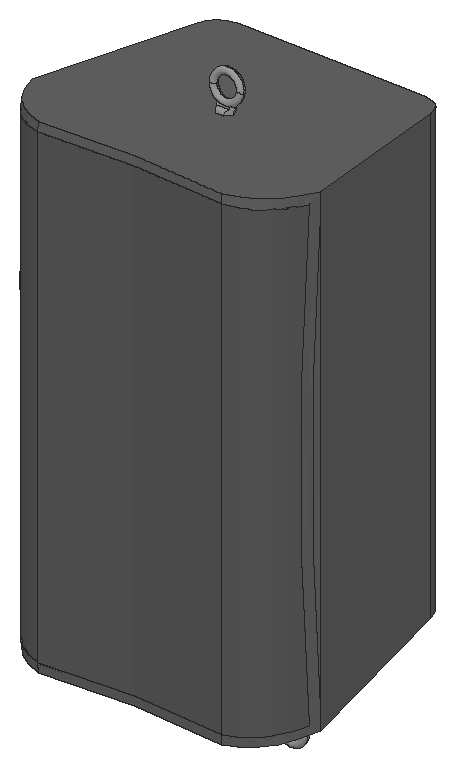
Revit family "AD-S12 - M10 Eye Bolts", category Communication Devices, Revit 2012
Parameters
  Width = 354.0 mm
  Weight Dimensional (lb) = 46.3
  Weight Dimensional (kg) = 21
  URL = "TBA"
  Sensitivity = 92
  SPL Max = 126
  Rotation Axis Distance = 3351.0 mm
  Regulatory Compliance = "RoHS"
  Product Page URL = "TBA"
  Product Documentation Link = "TBA"
  Weight Product (kg) = 16
  Weight Product (lb) = 35
  Power Handling = 300
  Model = "AD-S12"
  Mid Depth = 310.5 mm
  Manufacturer URL = "www.qscaudio.com"
  Manufacturer = "QSC Audio Products, LLC"
  Impedance = 8
  Height [instance] = 595.869 mm
  Grille Finish = Black Grille
  Eye Bolt Material [instance] = Default
  Enclosure Finish = Black Finish
  Description = "12\" 2-Way Surface Mount Loudspeaker"
  Depth [instance] = 322.965 mm
  Coverage Vertical = 75.00°
  Coverage Horizontal = 75.00°
Reference planes
  plane 1 "Center (Front/Back) (Grille Extent)": y = 0
  plane 2: z = 0
  plane 3 "Center (Left/Right)": x = 0
  plane 4 "Rotation Axis Plane": y = 3351
  plane 5: x = -177
  plane 6: x = 177
  plane 7: x = 106.71
  plane 8: x = -106.71
  plane 9: y = 71.2
  plane 10: x = -142.835
  plane 11: x = 142.835
  plane 12: y = 283.17
  plane 13: x = -112.545
  plane 14: x = 112.545
  plane 15: y = 5.4
  plane 16 "Back Plane": y = 322.965
  plane 17: y = 310.5
  plane 18: y = 77.988
  plane 19: x = -173.25
  plane 20: x = 173.25
  plane 21: z = 140
  plane 22: z = 100
  plane 23: x = -40
  plane 24: x = 40
  plane 25 "Top Plane": z = 300.533
  plane 26 "Bottom Plane": z = -295.335
  plane 27: x = 106.71
  plane 28: x = -106.71
  plane 29: y = 71.2
  plane 30: x = -142.835
  plane 31: x = 142.835
  plane 32: y = 283.17
  plane 33: x = -112.545
  plane 34: x = 112.545
  plane 35: y = 5.4
  plane 36: y = 310.5
  plane 37: y = 77.988
  plane 38: x = -173.25
  plane 39: x = 173.25
Forms (mm)
  Revolve 1, solid, material "Black Finish" <- "Enclosure Finish"
    sketch origin (0, 0, 0) x (1, 0, 0) y (0, 1, 0)
      loop
        spline (-106.71, 310.5) -> (-111.828, 310.31) -> (-116.563, 309.741) -> (-120.915, 308.792) -> (-124.884, 307.463) -> (-128.469, 305.755) -> (-131.671, 303.667) -> (-134.49, 301.2) -> (-136.925, 298.353) -> (-138.978, 295.127) -> (-140.647, 291.521) -> (-141.933, 287.535) -> (-142.835, 283.17)
        line (-142.835, 283.17) -> (-177, 71.2)
        spline (-177, 71.2) -> (-173.811, 61.268) -> (-170.225, 52.062) -> (-166.243, 43.584) -> (-161.863, 35.833) -> (-157.087, 28.809) -> (-151.915, 22.512) -> (-146.345, 16.942) -> (-140.378, 12.099) -> (-134.015, 7.984) -> (-127.255, 4.595) -> (-120.099, 1.934) -> (-112.545, 0)
        spline (-112.545, 0) -> (-93.804, 1.932) -> (-75.061, 3.512) -> (-56.314, 4.742) -> (-37.564, 5.62) -> (-18.812, 6.147) -> (-0.056, 6.322) -> (18.703, 6.147) -> (37.466, 5.62) -> (56.231, 4.742) -> (74.999, 3.512) -> (93.771, 1.932) -> (112.545, 0)
        spline (112.545, 0) -> (120.099, 1.934) -> (127.255, 4.595) -> (134.015, 7.984) -> (140.378, 12.099) -> (146.345, 16.942) -> (151.915, 22.512) -> (157.087, 28.809) -> (161.863, 35.833) -> (166.243, 43.584) -> (170.225, 52.062) -> (173.811, 61.268) -> (177, 71.2)
        line (177, 71.2) -> (142.835, 283.17)
        spline (142.835, 283.17) -> (141.933, 287.535) -> (140.647, 291.521) -> (138.978, 295.127) -> (136.925, 298.353) -> (134.49, 301.2) -> (131.671, 303.667) -> (128.469, 305.755) -> (124.884, 307.463) -> (120.915, 308.792) -> (116.563, 309.741) -> (111.828, 310.31) -> (106.71, 310.5)
        line (106.71, 310.5) -> (-106.71, 310.5)
      axis (-177, 3351) -> (177, 3351)
    angle from -5.19 to 5.19
  Revolve 2, void
    sketch origin (0, 0, 0) x (1, 0, 0) y (0, 1, 0)
      loop
        line (-173.25, 77.988) -> (-173.25, 0) -> (173.25, 0) -> (173.25, 77.988) -> (-173.25, 77.988)
      axis (-173.25, 3351) -> (173.25, 3351)
    angle from -5 to 5
  Extrusion 3, void
    sketch origin (0, 322.965, 0) x (-1, 0, 0) y (0, 0, -1)
      loop
        line (-40, -140) -> (40, -140) -> (40, -100) -> (-40, -100) -> (-40, -140)
    from 0 to 15
  Revolve 4, solid, material "Black Grille" <- "Grille Finish"
    sketch origin (0, 0, 0) x (1, 0, 0) y (0, 1, 0)
      loop
        spline (-112.545, 0) -> (-93.804, 1.932) -> (-75.061, 3.512) -> (-56.314, 4.742) -> (-37.564, 5.62) -> (-18.812, 6.147) -> (-0.056, 6.322) -> (18.703, 6.147) -> (37.466, 5.62) -> (56.231, 4.742) -> (74.999, 3.512) -> (93.771, 1.932) -> (112.545, 0)
        spline (112.545, 0) -> (119.689, 2.124) -> (126.453, 4.767) -> (132.839, 7.928) -> (138.845, 11.607) -> (144.472, 15.805) -> (149.721, 20.522) -> (154.59, 25.757) -> (159.08, 31.51) -> (163.191, 37.782) -> (166.923, 44.572) -> (170.276, 51.88) -> (173.25, 59.708)
        line (173.25, 59.708) -> (-173.25, 59.708)
        spline (-173.25, 59.708) -> (-170.276, 51.88) -> (-166.923, 44.572) -> (-163.191, 37.782) -> (-159.08, 31.51) -> (-154.59, 25.757) -> (-149.721, 20.522) -> (-144.472, 15.805) -> (-138.845, 11.607) -> (-132.839, 7.928) -> (-126.453, 4.767) -> (-119.689, 2.124) -> (-112.545, 0)
      axis (-173.25, 3351) -> (173.25, 3351)
    angle from -5.009 to 5.009
Cuts and joins
  Revolve 2, Extrusion 3 cuts Revolve 1
Lines and regions (mm)
  model lines, detail levels fine
    curve 1: line (4.373, 59.67, 298.955) -> (-1.703, 67.642, 298.231)
    curve 2: line (-1.703, 67.642, 298.231) -> (4.373, 59.67, 298.955)
    curve 3: line (-23.732, 60.665, 298.865) -> (-21.437, 68.889, 298.118)
    curve 4: line (-21.437, 68.889, 298.118) -> (-23.732, 60.665, 298.865)
    curve 5: line (-19.898, 55.22, 299.359) -> (-21.611, 70.439, 297.977)
    curve 6: line (-21.611, 70.439, 297.977) -> (-19.898, 55.22, 299.359)
    curve 7: line (12.509, 65.868, 298.392) -> (17.927, 61.904, 298.752)
    curve 8: line (17.927, 61.904, 298.752) -> (12.509, 65.868, 298.392)
    curve 17: line (-176.244, 89.474, 5.092) -> (-174.771, 96.745, -0.539)
    curve 18: line (-174.771, 96.745, -0.539) -> (-176.244, 89.474, 5.092)
    curve 19: line (-176.06, 90.382, -20.955) -> (-174.541, 97.883, -18.828)
    curve 20: line (-174.541, 97.883, -18.828) -> (-176.06, 90.382, -20.955)
    curve 21: line (-177.066, 85.416, -17.402) -> (-174.254, 99.296, -18.989)
    curve 22: line (-174.254, 99.296, -18.989) -> (-177.066, 85.416, -17.402)
    curve 23: line (-175.099, 95.127, 12.632) -> (-175.831, 91.511, 17.653)
    curve 24: line (-175.831, 91.511, 17.653) -> (-175.099, 95.127, 12.632)
    curve 33: line (176.244, 89.474, -5.092) -> (174.771, 96.745, 0.539)
    curve 34: line (174.771, 96.745, 0.539) -> (176.244, 89.474, -5.092)
    curve 35: line (176.06, 90.382, 20.955) -> (174.541, 97.883, 18.828)
    curve 36: line (174.541, 97.883, 18.828) -> (176.06, 90.382, 20.955)
    curve 37: line (177.066, 85.416, 17.402) -> (174.254, 99.296, 18.989)
    curve 38: line (174.254, 99.296, 18.989) -> (177.066, 85.416, 17.402)
    curve 39: line (175.099, 95.127, -12.632) -> (175.831, 91.511, -17.653)
    curve 40: line (175.831, 91.511, -17.653) -> (175.099, 95.127, -12.632)
    curve 41: line (-4.373, 59.67, -298.955) -> (1.703, 67.642, -298.231)
    curve 42: line (1.703, 67.642, -298.231) -> (-4.373, 59.67, -298.955)
    curve 43: line (23.732, 60.665, -298.865) -> (21.437, 68.889, -298.118)
    curve 44: line (21.437, 68.889, -298.118) -> (23.732, 60.665, -298.865)
    curve 45: line (19.898, 55.22, -299.359) -> (21.611, 70.439, -297.977)
    curve 46: line (21.611, 70.439, -297.977) -> (19.898, 55.22, -299.359)
    curve 47: line (-12.509, 65.868, -298.392) -> (-17.927, 61.904, -298.752)
    curve 48: line (-17.927, 61.904, -298.752) -> (-12.509, 65.868, -298.392)
  model lines, not visible, detail levels fine
    curve 9: line (-17.401, 29.808, 0.794) -> (-23.477, 37.813, 0.794)
    curve 10: line (-23.477, 37.813, 0.794) -> (-17.401, 29.808, 0.794)
    curve 11: line (-45.506, 30.808, 0.794) -> (-43.21, 39.066, 0.794)
    curve 12: line (-43.21, 39.066, 0.794) -> (-45.506, 30.808, 0.794)
    curve 13: line (-41.671, 25.34, 0.794) -> (-43.385, 40.622, 0.794)
    curve 14: line (-43.385, 40.622, 0.794) -> (-41.671, 25.34, 0.794)
    curve 15: line (-9.265, 36.032, 0.794) -> (-3.847, 32.051, 0.794)
    curve 16: line (-3.847, 32.051, 0.794) -> (-9.265, 36.032, 0.794)
    curve 25: line (16.721, -59.866, 26.087) -> (11.09, -52.447, 26.087)
    curve 26: line (11.09, -52.447, 26.087) -> (16.721, -59.866, 26.087)
    curve 27: line (-9.326, -58.94, 26.087) -> (-7.199, -51.287, 26.087)
    curve 28: line (-7.199, -51.287, 26.087) -> (-9.326, -58.94, 26.087)
    curve 29: line (-5.773, -64.007, 26.087) -> (-7.36, -49.845, 26.087)
    curve 30: line (-7.36, -49.845, 26.087) -> (-5.773, -64.007, 26.087)
    curve 31: line (24.261, -54.099, 26.087) -> (29.282, -57.788, 26.087)
    curve 32: line (29.282, -57.788, 26.087) -> (24.261, -54.099, 26.087)
  model lines, not visible, detail levels medium+fine
    curve 49: circle (0, 191.054, 0) r 16.5 normal (0, 0, 1)
  model lines, detail levels medium+fine
    curve 50: circle (0, 160.69, 289.78) r 16.5 normal (0, 0.0905, 0.9959)
    curve 51: circle (0, 160.69, -289.78) r 16.5 normal (0, -0.0905, 0.9959)
Dimensions and locks
  "Rotation Axis Distance": plane 4 "Rotation Axis Plane" to plane 1 "Center (Front/Back) (Grille Extent)"
  equal spacing: plane 5, plane 3 "Center (Left/Right)", plane 6
  "Width": plane 5 to plane 6
  equal spacing: plane 8, plane 3 "Center (Left/Right)", plane 7
  plane 8 to plane 7 = 213.42 mm
  plane 10 to plane 11 = 285.67 mm
  equal spacing: plane 10, plane 3 "Center (Left/Right)", plane 11
  equal spacing: plane 13, plane 3 "Center (Left/Right)", plane 14
  plane 13 to plane 14 = 225.09 mm
  plane 15 to plane 1 "Center (Front/Back) (Grille Extent)" = 5.4 mm
  "Depth": plane 16 "Back Plane" to plane 1 "Center (Front/Back) (Grille Extent)"
  "Mid Depth": plane 17 to plane 1 "Center (Front/Back) (Grille Extent)"
  equal spacing: plane 19, plane 3 "Center (Left/Right)", plane 20
  plane 19 to plane 20 = 346.5 mm
  plane 21 to plane 22 = 40.0 mm
  equal spacing: plane 23, plane 3 "Center (Left/Right)", plane 24
  plane 23 to plane 24 = 80.0 mm
  "Height": plane 25 "Top Plane" to plane 26 "Bottom Plane"
  plane 9 to plane 1 "Center (Front/Back) (Grille Extent)" = 71.2 mm
  plane 10 to plane 3 "Center (Left/Right)" = 142.835 mm
  plane 17 to plane 12 = 27.33 mm
  plane 13 to plane 3 "Center (Left/Right)" = 112.545 mm
  plane 8 to plane 3 "Center (Left/Right)" = 106.71 mm
  plane 28 to plane 27 = 213.42 mm  (x2)
  plane 30 to plane 31 = 285.67 mm  (x2)
  plane 33 to plane 34 = 225.09 mm  (x2)
  plane 36 to plane 32 = 27.33 mm
  plane 38 to plane 39 = 346.5 mm
  curve 50 to plane 16 "Back Plane" = 145.843 mm
  plane 26 "Bottom Plane" to plane 22 = 395.335 mm
  aligned and locked: plane 2 to level
  aligned and locked: Revolve 1 sketch curve to plane 17
  aligned and locked: Revolve 2 sketch curve to plane 4 "Rotation Axis Plane"
  aligned and locked: Revolve 2 sketch curve to plane 18
  aligned and locked: Revolve 2 sketch curve to plane 19
  aligned and locked: Revolve 2 sketch curve to plane 1 "Center (Front/Back) (Grille Extent)"
  aligned and locked: Revolve 2 sketch curve to plane 20
  aligned and locked: plane 21 to Extrusion 3 sketch curve
  aligned and locked: plane 24 to Extrusion 3 sketch curve
  aligned and locked: Extrusion 3 sketch curve to plane 22
  aligned and locked: Extrusion 3 sketch curve to plane 23
  aligned and locked: plane 12 to Revolve 1 sketch curve
  aligned and locked: plane 10 to Revolve 1 sketch curve
  aligned and locked: plane 16 "Back Plane" to cut or joined group of Revolve 1, Revolve 2, Extrusion 3
  aligned and locked: curve 6 to cut or joined group of Revolve 1, Revolve 2, Extrusion 3
  aligned and locked: curve 50 to cut or joined group of Revolve 1, Revolve 2, Extrusion 3
Automatic sketch dimensions
  Revolve 1 sketch curve to plane 5 = 0.0 mm  (x2)
  Revolve 1 sketch curve to plane 4 "Rotation Axis Plane" = 0.0 mm
  plane 1 "Center (Front/Back) (Grille Extent)" to Revolve 1 sketch curve = 0.0 mm
  Revolve 1 sketch curve to plane 13 = 0.0 mm
  Revolve 1 sketch curve to plane 8 = 0.0 mm
  Revolve 1 sketch curve to plane 7 = 0.0 mm
  Revolve 1 sketch curve to plane 14 = 0.0 mm
  Revolve 1 sketch curve to plane 11 = 0.0 mm
  Revolve 1 sketch curve to plane 6 = 0.0 mm  (x2)
  Revolve 1 sketch curve to plane 9 = 0.0 mm  (x2)
  Revolve 1 sketch curve to plane 12 = 0.0 mm
  Revolve 2 sketch curve to plane 3 "Center (Left/Right)" = 0.0 mm
  Revolve 2 sketch curve to plane 6 = 0.0 mm
  Revolve 4 sketch curve to plane 4 "Rotation Axis Plane" = 0.0 mm
  Revolve 4 sketch curve to plane 5 = 0.0 mm
  Revolve 4 sketch curve to plane 38 = 0.0 mm
  plane 1 "Center (Front/Back) (Grille Extent)" to Revolve 4 sketch curve = 0.0 mm
  Revolve 4 sketch curve to plane 33 = 0.0 mm
  Revolve 4 sketch curve to plane 34 = 0.0 mm
  Revolve 4 sketch curve to plane 39 = 0.0 mm
  Revolve 4 sketch curve to plane 6 = 0.0 mm
  Revolve 4 sketch curve to plane 29 = 11.492 mm
  curve 3 to curve 4 = 0.0 mm  (x2)
  curve 4 to curve 5 = 2.121 mm
  curve 6 to curve 5 = 0.0 mm  (x3)
  curve 6 to curve 3 = 0.174 mm
  curve 4 to curve 3 = 0.0 mm
  curve 3 to curve 5 = 3.834 mm
  curve 3 to curve 2 = 19.734 mm
  curve 1 to curve 2 = 0.0 mm
  curve 2 to curve 1 = 6.076 mm
  curve 2 to curve 1 = 0.0 mm  (x3)
  curve 1 to curve 8 = 8.136 mm
  curve 7 to curve 8 = 0.0 mm  (x2)
  curve 7 to curve 8 = 5.418 mm
  curve 5 to curve 6 = 0.0 mm
  curve 6 to curve 1 = 4.468 mm
  curve 5 to curve 4 = 5.468 mm
  curve 1 to curve 7 = 2.243 mm
  curve 8 to curve 7 = 0.0 mm  (x2)
  curve 8 to curve 7 = 3.981 mm
  curve 1 to curve 1 = 8.005 mm
  curve 4 to curve 4 = 8.258 mm
  curve 11 to curve 12 = 0.0 mm  (x2)
  curve 12 to curve 13 = 2.121 mm
  curve 14 to curve 13 = 0.0 mm  (x3)
  curve 14 to curve 11 = 0.174 mm
  curve 12 to curve 11 = 0.0 mm
  curve 11 to curve 13 = 3.834 mm
  curve 11 to curve 10 = 19.734 mm
  curve 9 to curve 10 = 0.0 mm
  curve 10 to curve 9 = 6.076 mm
  curve 10 to curve 9 = 0.0 mm  (x3)
  curve 9 to curve 16 = 8.136 mm
  curve 15 to curve 16 = 0.0 mm  (x2)
  curve 15 to curve 16 = 5.418 mm
  curve 13 to curve 14 = 0.0 mm
  curve 14 to curve 9 = 4.468 mm
  curve 13 to curve 12 = 5.468 mm
  curve 9 to curve 15 = 2.243 mm
  curve 16 to curve 15 = 0.0 mm  (x2)
  curve 16 to curve 15 = 3.981 mm
  curve 9 to curve 9 = 8.005 mm
  curve 12 to curve 12 = 8.258 mm
  curve 19 to curve 20 = 0.0 mm  (x2)
  curve 20 to curve 21 = 1.966 mm
  curve 22 to curve 21 = 0.0 mm  (x3)
  curve 21 to curve 19 = 0.162 mm
  curve 20 to curve 19 = 0.0 mm
  curve 19 to curve 21 = 3.554 mm
  curve 19 to curve 18 = 18.288 mm
  curve 17 to curve 18 = 0.0 mm
  curve 17 to curve 17 = 5.631 mm
  curve 18 to curve 17 = 0.0 mm  (x3)
  curve 18 to curve 24 = 7.54 mm
  curve 23 to curve 24 = 0.0 mm  (x2)
  curve 23 to curve 24 = 5.021 mm
  curve 21 to curve 22 = 0.0 mm
  curve 22 to curve 17 = 4.141 mm
  curve 22 to curve 20 = 5.067 mm
  curve 18 to curve 23 = 2.079 mm
  curve 24 to curve 23 = 0.0 mm  (x2)
  curve 24 to curve 23 = 3.689 mm
  curve 18 to curve 17 = 7.419 mm
  curve 20 to curve 20 = 7.653 mm
  curve 27 to curve 28 = 0.0 mm  (x2)
  curve 28 to curve 29 = 1.966 mm
  curve 30 to curve 29 = 0.0 mm  (x3)
  curve 29 to curve 27 = 0.162 mm
  curve 28 to curve 27 = 0.0 mm
  curve 27 to curve 29 = 3.554 mm
  curve 27 to curve 26 = 18.288 mm
  curve 25 to curve 26 = 0.0 mm
  curve 25 to curve 25 = 5.631 mm
  curve 26 to curve 25 = 0.0 mm  (x3)
  curve 26 to curve 32 = 7.54 mm
  curve 31 to curve 32 = 0.0 mm  (x2)
  curve 31 to curve 32 = 5.021 mm
  curve 29 to curve 30 = 0.0 mm
  curve 30 to curve 25 = 4.141 mm
  curve 30 to curve 28 = 5.067 mm
  curve 26 to curve 31 = 2.079 mm
  curve 32 to curve 31 = 0.0 mm  (x2)
  curve 32 to curve 31 = 3.689 mm
  curve 26 to curve 25 = 7.419 mm
  curve 28 to curve 28 = 7.653 mm
  curve 35 to curve 36 = 0.0 mm  (x2)
  curve 36 to curve 37 = 1.966 mm
  curve 38 to curve 37 = 0.0 mm  (x3)
  curve 37 to curve 35 = 0.162 mm
  curve 36 to curve 35 = 0.0 mm
  curve 35 to curve 37 = 3.554 mm
  curve 35 to curve 34 = 18.288 mm
  curve 33 to curve 34 = 0.0 mm
  curve 33 to curve 33 = 5.631 mm
  curve 34 to curve 33 = 0.0 mm  (x3)
  curve 34 to curve 40 = 7.54 mm
  curve 39 to curve 40 = 0.0 mm  (x2)
  curve 39 to curve 40 = 5.021 mm
  curve 37 to curve 38 = 0.0 mm
  curve 38 to curve 33 = 4.141 mm
  curve 38 to curve 36 = 5.067 mm
  curve 34 to curve 39 = 2.079 mm
  curve 40 to curve 39 = 0.0 mm  (x2)
  curve 40 to curve 39 = 3.689 mm
  curve 34 to curve 33 = 7.419 mm
  curve 36 to curve 36 = 7.653 mm
  curve 43 to curve 44 = 0.0 mm  (x2)
  curve 44 to curve 45 = 2.121 mm
  curve 46 to curve 45 = 0.0 mm  (x3)
  curve 46 to curve 43 = 0.174 mm
  curve 44 to curve 43 = 0.0 mm
  curve 43 to curve 45 = 3.834 mm
  curve 43 to curve 42 = 19.734 mm
  curve 41 to curve 42 = 0.0 mm
  curve 42 to curve 41 = 6.076 mm
  curve 42 to curve 41 = 0.0 mm  (x3)
  curve 41 to curve 48 = 8.136 mm
  curve 47 to curve 48 = 0.0 mm  (x2)
  curve 47 to curve 48 = 5.418 mm
  curve 45 to curve 46 = 0.0 mm
  curve 46 to curve 41 = 4.468 mm
  curve 45 to curve 44 = 5.468 mm
  curve 41 to curve 47 = 2.243 mm
  curve 48 to curve 47 = 0.0 mm  (x2)
  curve 48 to curve 47 = 3.981 mm
  curve 41 to curve 41 = 8.005 mm
  curve 44 to curve 44 = 8.258 mm
Nested families
  nested 1: "M10 Eye Bolt" at (0, 159.985, 289.844) x (1, 0, 0) z (0, 0.0905, 0.9959), Eye Bolt Material <- "Eye Bolt Material", type "M10 Eye Bolt"
    with Eye Bolt Material Default
  nested 2: "M10 Eye Bolt" at (0, 160.965, -289.755) x (1, 0, 0) z (0, 0.0905, -0.9959), Eye Bolt Material <- "Eye Bolt Material", type "M10 Eye Bolt"
    with Eye Bolt Material Default
  nested 3: "M10 Eye Bolt" at (-124.5, 102.965, -295.023) x (1, 0, 0) z (0, 0.0905, -0.9959), Eye Bolt Material <- "Eye Bolt Material", type "M10 Eye Bolt"
    with Eye Bolt Material Default
  nested 4: "M10 Eye Bolt" at (124.5, 102.965, -295.023) x (1, 0, 0) z (0, 0.0905, -0.9959), Eye Bolt Material <- "Eye Bolt Material", type "M10 Eye Bolt"
    with Eye Bolt Material Default
Connectors
  electrical at (0, 307.965, 120)
    settings: on cut or joined group of Revolve 1, Revolve 2, Extrusion 3, index 1, voltage 0 V, apparent load 0 VA, apparent load phase1 0 VA, apparent load phase2 0 VA, apparent load phase3 0 VA, power factor 1, load classification "Other", number of poles 1, system type 14, power factor state 1, is connector primary yes, connector utility no, sub classification motor no, connector description "Speaker Input"
  electrical at (0, 307.965, 120)
    settings: on cut or joined group of Revolve 1, Revolve 2, Extrusion 3, index 2, voltage 0 V, apparent load 0 VA, apparent load phase1 0 VA, apparent load phase2 0 VA, apparent load phase3 0 VA, power factor 1, load classification "Other", number of poles 1, system type 14, power factor state 1, is connector primary no, connector utility no, sub classification motor no, connector description "Parallel Output"
Definition of nested family "M10 Eye Bolt"
  Parameters (values of type "M10 Eye Bolt")
    Radius = Depth / 2  # 3.969 mm
    Outter Diameter = 41.077 mm
    Inner Diameter = 25.4 mm
    Eye Bolt Material [instance] = Default
    Depth = 7.938 mm
    Default Elevation = 1219.2 mm
    Base Depth = 17.5 mm
  Reference planes
    plane 1 "Center (Front/Back)": y = 0
    plane 2: z = 0
    plane 3 "Center (Left/Right)": x = 0
    plane 4 "Plane at Center": z = 26.5
    plane 5 "Inner Left": x = -12.7
    plane 6 "Inner Right": x = 12.7
    plane 7: x = -20.538
    plane 8: x = 20.538
    plane 9: y = 3.969
    plane 10: y = -3.969
    plane 11: y = 8.75
    plane 12: y = -8.75
  Forms (mm)
    Extrusion 1, solid
      sketch origin (0, 0, 0) x (1, 0, 0) y (0, 1, 0)
        loop
          line (-1219.2, 1219.2) -> (-1219.2, -1219.2) -> (1219.2, -1219.2) -> (1219.2, 1219.2) -> (-1219.2, 1219.2)
      from 0 to -304.8
    Revolve 2, solid, material "Default" <- "Eye Bolt Material"
      sketch origin (0, 0, 26.5) x (-1, 0, 0) y (0, -1, 0)
        loop
          circle (-16.619, -0.05) r 3.969
        axis (0, -0.05) -> (0, 0.95)
      angle from 0 to 360
    Extrusion 3, solid, material "Default" <- "Eye Bolt Material"
      sketch origin (-12.7, 0, 0) x (0, 0, 1) y (0, -1, 0)
        loop
          spline (0, -8.75) -> (1.63, -8.656) -> (2.802, -8.396) -> (3.59, -8.003) -> (4.071, -7.51) -> (4.32, -6.951) -> (4.412, -6.359) -> (4.422, -5.767) -> (4.428, -5.208) -> (4.502, -4.715) -> (4.722, -4.322) -> (5.163, -4.062) -> (5.9, -3.968)
          arc (5.9, -3.968) -> (9.87, 0.002) -> (5.9, 3.971) r 3.97
          spline (5.9, 3.971) -> (5.225, 4.065) -> (4.813, 4.325) -> (4.594, 4.718) -> (4.5, 5.211) -> (4.462, 5.77) -> (4.412, 6.362) -> (4.28, 6.954) -> (3.999, 7.513) -> (3.499, 8.006) -> (2.711, 8.399) -> (1.568, 8.659) -> (0, 8.753)
          line (0, 8.753) -> (0, -8.75)
      from 0 to 25.4 <- "Inner Diameter"
    Extrusion 4, void
      sketch origin (0, 0, 0) x (1, 0, 0) y (0, 1, 0)
        loop
          line (5.054, -8.753) -> (12.7, -8.753) -> (12.7, 8.75) -> (5.054, 8.753) -> (10.107, 0) -> (5.054, -8.753)
        loop
          line (-5.054, 8.753) -> (-12.7, 8.75) -> (-12.7, -8.753) -> (-5.054, -8.753) -> (-10.107, 0) -> (-5.054, 8.753)
      from 0 to 25.4
  Cuts and joins
    Extrusion 4 cuts Extrusion 3
    joined: Revolve 2, Extrusion 3
  Dimensions and locks
    equal spacing: plane 6 "Inner Right", plane 3 "Center (Left/Right)", plane 5 "Inner Left"
    "Inner Diameter": plane 6 "Inner Right" to plane 5 "Inner Left"
    equal spacing: plane 8, plane 3 "Center (Left/Right)", plane 7
    "Outter Diameter": plane 8 to plane 7
    equal spacing: plane 9, plane 1 "Center (Front/Back)", plane 10
    "Depth": plane 9 to plane 10
    plane 4 "Plane at Center" to level = 26.5 mm
    equal spacing: plane 11, plane 1 "Center (Front/Back)", plane 12
    "Base Depth": plane 11 to plane 12
    "Radius": radius of Revolve 2 sketch curve
    aligned and locked: plane 2 to Extrusion 1
    aligned and locked: level to Extrusion 1
    aligned and locked: Revolve 2 sketch curve to plane 3 "Center (Left/Right)"
  Automatic sketch dimensions
    Extrusion 1 sketch curve to Extrusion 1 sketch curve = 2438.4 mm  (x2)
    Revolve 2 sketch curve to plane 1 "Center (Front/Back)" = 0.05 mm
    plane 6 "Inner Right" to Revolve 2 sketch curve = 3.919 mm
    Revolve 2 sketch curve to plane 9 = 14.097 mm
    Revolve 2 sketch curve to plane 10 = 27.104 mm
    Extrusion 4 sketch curve to plane 5 "Inner Left" = 0.0 mm
    plane 1 "Center (Front/Back)" to Extrusion 4 sketch curve = 0.0 mm  (x2)
    Extrusion 4 sketch curve to plane 12 = 0.0 mm
    Extrusion 4 sketch curve to plane 6 "Inner Right" = 0.0 mm
    plane 11 to Extrusion 4 sketch curve = 0.0 mm  (x2)
    plane 5 "Inner Left" to Extrusion 4 sketch curve = 2.593 mm
    Extrusion 4 sketch curve to plane 3 "Center (Left/Right)" = 5.055 mm
    Extrusion 4 sketch curve to plane 12 = 0.003 mm  (x3)
    plane 3 "Center (Left/Right)" to Extrusion 4 sketch curve = 5.054 mm  (x2)
    Extrusion 4 sketch curve to plane 11 = 0.003 mm  (x2)
    Extrusion 4 sketch curve to plane 6 "Inner Right" = 2.593 mm
    Extrusion 4 sketch curve to plane 3 "Center (Left/Right)" = 5.054 mm
    Extrusion 3 sketch curve to level = 0.0 mm
    Extrusion 3 sketch curve to plane 11 = 0.0 mm
    Extrusion 3 sketch curve to plane 10 = 0.002 mm
    level to Extrusion 3 sketch curve = 5.9 mm
    plane 9 to Extrusion 3 sketch curve = 0.001 mm
    Extrusion 3 sketch curve to plane 12 = 0.003 mm
